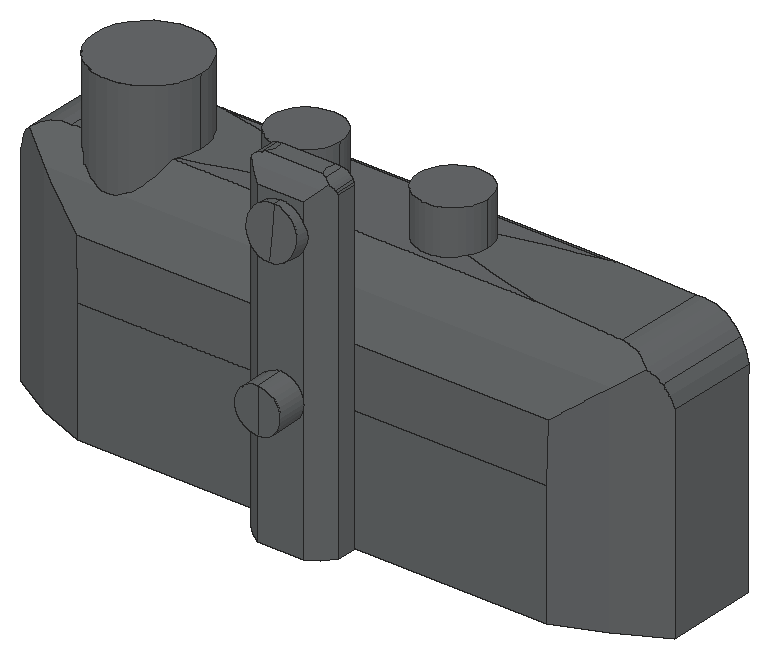
Revit family "Grohe_ThermostaticBathMixer_102168KF00", category Plumbing Fixtures, host Face, Revit 2020
Family settings
  Host = Face
  Round Connector Dimension = Use Diameter
  Part Type = Normal
  OmniClass Number = 23.45.05.00
  OmniClass Title = Sanitary Equipment
  Cut with Voids When Loaded = No
  Shared = No
  Room Calculation Point = No
Parameters (values of type "Thermostatic Bath Mixer (102168KF00)")
  _ObjectUserGuide = "https://www.bimstore.co/products/grohe-102168kf00/document/object-user-guide"
  _DistributedBy = "https://www.bimstore.co/"
  _CurrentRevision = 1
  _CreatedBy = "https://www.bimstore.co/"
  _BimSpecGuid = 0
  _BSBibleVersion = 17
  _AuthorizedBy = "bimstore"
  _Author = "RL 171"
  WarrantyStartDate [instance] = "Please Record on Commissioning"
  WarrantyGuarantorParts = "info-uk@grohe.com"
  WarrantyGuarantorLabor = "info-uk@grohe.com"
  WarrantyDurationUnit = "Years"
  WarrantyDurationParts = "0"
  WarrantyDurationLabor = "0"
  WarrantyDescription = "n/a"
  URL = "https://www.grohe.co.uk/en_gb/-102168KF00.html"
  TypeName = "Thermostatic Bath Mixer"
  Type Comments = "Thermostatic Bath Mixer"
  TPIDocumentLink = "https://cdn.cloud.grohe.com/tpi/100000/100000/100000/100200/100230/100237/100237065/original/100237065.pdf"
  SustainabilityReport = "green.grohe.com/reporting"
  SustainabilityAward = "green.grohe.com/awards"
  SpareParts = "info-uk@grohe.com"
  Size = "n/a"
  Shape = "n/a"
  SerialNumber [instance] = "Please Record on Commissioning"
  ReplacementCost = "n/a"
  ReferencedStandard = "n/a"
  ProductionYear = "2023"
  ProductType = "Thermostat"
  ProductShortText = "Thermostatic bath mixer 1/2\""
  ProductNumber = "102168KF00"
  ProductDescription = "wall mounted\r\n\r\nGROHE CoolTouch no risk of scalding\r\n\r\nGROHE Long-Life finish\r\n\r\nGROHE SafeStop safety button at 38°C\r\n\r\nGROHE SafeStop Plus optional temperature limiter at 43°C included\r\n\r\nGROHE TurboStat compact cartridge with wax thermoelement\r\n\r\nGROHE ProGrip with knurl structure\r\n\r\nGROHE SmartControl push for ON-OFF, turn for volume adjustment from GROHE Water Saving to Full Flow\r\n\r\nintegrated GROHE EasyReach shower tray\r\n\r\nshower bottom outlet 1/2\"\r\n\r\nbath spout with mousseur\r\n\r\nbuilt-in non return valves and dirt strainers\r\n\r\nprotected against backflow"
  PrimaryMaterial = Grohe_Black
  PQDiagramLink = "https://cdn.cloud.grohe.com/PQCharts/lores/1/102/original/102168KF00-pqchart-en_GB.svg"
  NominalLength = 0 mm
  NominalHeight = 0 mm
  NominalDepth = 0 mm
  NBSReference = "45-35-70/255"
  NBSOfficeMasterTag = "n/a"
  NBSObjectName = "Grohe - Shower fittings package"
  NBSNote = "n/a"
  NBSDescription = "Shower fittings package"
  ModelReference = "Thermostatic Bath Mixer"
  ModelNumber = "102168KF00"
  Model = "Thermostatic Bath Mixer"
  Material = "n/a"
  ManufacturerName = "Grohe"
  Manufacturer = "Grohe"
  Keynote = "N16"
  InstallationVideo = "n/a"
  InstallationDate [instance] = "Please Record on Commissioning"
  IfcExportType = "IfcPipeFittingType"
  IfcExportAs = "IfcPipeFitting"
  Grade = "n/a"
  GROHESustainability = "green.grohe.com"
  GROHESocialCommittment = "green.grohe.com/social_engagement"
  FullRecyclabilityOfPlastic = "All plastic components are fully recycable"
  Finish = "Black"
  Features = "n/a"
  ExpectedLife = 0
  Ecojoy = no
  EFSE0002 = "true"
  EFNL0001 = "true"
  EFDE0022 = "None"
  EF025109 = "Other"
  EF024919 = "false"
  EF023957 = "TRUE"
  EF023688 = "Foam jet nozzle"
  EF023687 = "TRUE"
  EF023686 = "Other"
  EF022337 = "1/2 inch- 3/4 inch"
  EF022042 = "Z"
  EF021855 = "false"
  EF021835 = "150"
  EF021808 = "2-hole"
  EF021035 = "true"
  EF020967 = "true"
  EF020805 = "false"
  EF020799 = "TRUE"
  EF020791 = "Stainless steel"
  EF020789 = "135"
  EF020787 = "Group II, <=30 dB(A)"
  EF020785 = "M26 x 1.5"
  EF020781 = "Plastic cartridge"
  EF020780 = "Two-grip"
  EF020259 = "Downwards"
  EF020105 = yes
  EF016731 = "Group I,<= 20 dB(A)"
  EF014591 = "false"
  EF014578 = "true"
  EF012753 = "20.00"
  EF011779 = "TRUE"
  EF011775 = "EB"
  EF007955 = "TRUE"
  EF002671 = "Black"
  EF002286 = "Insert (push coupling)"
  EF002149 = "TRUE"
  EF000139 = "Other"
  EF000003 = "Wall"
  DurationUnit = "Years"
  DocumentationTechnical = "https://www.bimstore.co/products/grohe-102168kf00/document/technical-data-sheet"
  DocumentationMaintenance = "https://www.bimstore.co/products/grohe-102168kf00/document/maintenance-information"
  DocumentationLiterature = "https://www.bimstore.co/products/grohe-102168kf00/document/product-literature"
  DocumentationInstallationGuide = "https://www.bimstore.co/products/grohe-102168kf00/document/installation-guide"
  DocumentationCertificates = "https://www.bimstore.co/products/grohe-102168kf00/document/product-certificates"
  DimensionsDocumentLink = "https://cdn.cloud.grohe.com/dimdraw/100000/100000/100000/100000/100070/100071/100071994/1280/100071994.jpg"
  Description = "Thermostatic Bath Mixer"
  Default Elevation = 0 mm
  CreatedOn = "2023-12-05T:09:00:00"
  CreatedBy = "info-uk@grohe.com"
  CradleToCradleCertification = "n/a"
  Cost = 0
  Constituents = "n/a"
  Color = "Grohe_Black"
  CodePerformance = "n/a"
  ClassificationValue = "Pr_40_20_87_55"
  ClassificationName = "Uniclass2015"
  CO2NeutralProduction = "GROHE is one of the first leading manufacturer within the sanitary industry having a CO2-neutral production."
  BarCode [instance] = "Please Record on Commissioning"
  BIMObjectName = "Grohe_ThermostaticBathMixer_102168KF00"
  AssetType = "Fixed"
  AssetIdentifier [instance] = "n/a"
  Assembly Code = "D2013"
  AccessibilityPerformance = "n/a"
Reference planes
  plane 1 "Center (Front/Back)": y = 0
  plane 2: z = 0
  plane 3 "Center (Left/Right)": x = 0
Forms (mm)
  Extrusion 1, solid, material "Grohe_Black" <- "PrimaryMaterial"
    sketch origin (0, 0, 0) x (0, 1, 0) y (0, 0, 1)
      loop
        line (30.702, 0) -> (30.702, 115.234) -> (28.947, 117.778) -> (27.703, 117.909)
        arc (27.703, 117.909) -> (7.703, 118.957) -> (-12.297, 117.909) r 191.335
        arc (-12.297, 117.909) -> (-23.867, 102.411) -> (-32.622, 85.166) r 112.912
        line (-32.622, 85.166) -> (-33.644, 0) -> (30.702, 0)
    from -152.633 to 152.333
  Extrusion 2, void
    sketch origin (0, 0, 0) x (1, 0, 0) y (0, 0, 1)
      loop
        arc (-127.433, 116.588) -> (0.574, 119.036) -> (128.581, 116.588) r 3348.075
        arc (128.581, 116.588) -> (140.172, 113.919) -> (148.697, 105.625) r 22.083
        arc (148.697, 105.625) -> (152.094, 96.579) -> (152.333, 86.92) r 29.024
        line (152.333, 86.92) -> (171.083, 86.92) -> (171.083, 128.625) -> (-163.917, 128.625) -> (-163.917, 86.92) -> (-153.367, 86.92)
        arc (-153.367, 86.92) -> (-152.401, 94.373) -> (-150.505, 101.644) r 59.607
        arc (-150.505, 101.644) -> (-141.603, 113.183) -> (-127.433, 116.588) r 21.915
    from -37.479 to 39.2
  Extrusion 3, void
    sketch origin (0, 0, 0) x (1, 0, 0) y (0, 1, 0)
      loop
        line (-153.888, -10.905) -> (-153.888, -42.867) -> (154.346, -42.867) -> (154.346, -10.905)
        arc (154.346, -10.905) -> (132.615, -23.557) -> (109.29, -32.954) r 174.441
        arc (109.29, -32.954) -> (0.229, -33.134) -> (-108.833, -32.954) r 33146.228
        arc (-108.833, -32.954) -> (-132.157, -23.557) -> (-153.888, -10.905) r 174.441
    from 0 to 133.139
  Extrusion 4, solid, material "Grohe_Black" <- "PrimaryMaterial"
    sketch origin (0, 0, 0) x (1, 0, 0) y (0, 1, 0)
      loop
        circle (-102.363, 0) r 24.5
    from 95.163 to 149.221
  Extrusion 5, solid, material "Grohe_Black" <- "PrimaryMaterial"
    sketch origin (0, 0, 0) x (1, 0, 0) y (0, 1, 0)
      loop
        circle (-34.231, 6.463) r 16
      loop
        circle (34.321, 6.463) r 16
    from 108.316 to 138.867
  Extrusion 6, solid, material "Grohe_Black" <- "PrimaryMaterial"
    sketch origin (0, 0, 0) x (0, 1, 0) y (0, 0, 1)
      loop
        line (-50.798, 0) -> (-33.739, 0) -> (-33.739, 157.185) -> (-34.695, 158.714)
        arc (-34.695, 158.714) -> (-38.944, 158.844) -> (-43.186, 158.574) r 45.133
        arc (-43.186, 158.574) -> (-47.348, 154.227) -> (-50.798, 149.297) r 39.353
        line (-50.798, 149.297) -> (-50.798, 0)
    from -20.291 to 20.337
  Extrusion 7, void
    sketch origin (0.156, 0, 0.977) x (1, 0, 0) y (0, 0, 1)
      loop
        arc (-20.629, 147.787) -> (-20.6, 149.883) -> (-20.184, 151.936) r 11.246
        arc (-20.184, 151.936) -> (-20.014, 152.442) -> (-19.812, 152.936) r 8.577
        arc (-19.812, 152.936) -> (-17.863, 155.588) -> (-14.981, 157.178) r 7.672
        arc (-14.981, 157.178) -> (-11.876, 157.86) -> (-8.705, 158.089) r 22.08
        line (-8.705, 158.089) -> (-4.26, 158.089) -> (-4.26, 162.648) -> (-24.706, 162.648) -> (-24.706, 147.787) -> (-20.629, 147.787)
    from 30.731 to 53.739
  Extrusion 8, void
    sketch origin (-0.078, 0, 0.977) x (-1, 0, 0) y (0, 0, -1)
      loop
        line (-20.584, -147.34) -> (-25.671, -147.34) -> (-25.671, -163.117) -> (-4.26, -163.117) -> (-4.26, -158.089) -> (-8.705, -158.089)
        arc (-8.705, -158.089) -> (-11.876, -157.86) -> (-14.981, -157.178) r 22.08
        arc (-14.981, -157.178) -> (-17.863, -155.588) -> (-19.812, -152.936) r 7.672
        arc (-19.812, -152.936) -> (-20.014, -152.442) -> (-20.184, -151.936) r 8.577
        arc (-20.184, -151.936) -> (-20.622, -149.659) -> (-20.584, -147.34) r 11.246
    from 30.731 to 53.739
  Extrusion 9, void
    sketch origin (0, 0, 0) x (1, 0, 0) y (0, 1, 0)
      loop
        line (-20.619, -42.383) -> (-22.377, -42.383) -> (-22.377, -51.921) -> (-10.139, -51.921) -> (-10.139, -51.064)
        arc (-10.139, -51.064) -> (-15.862, -47.307) -> (-20.619, -42.383) r 30.933
      loop
        arc (20.619, -42.383) -> (15.862, -47.307) -> (10.139, -51.064) r 30.933
        line (10.139, -51.064) -> (10.139, -51.921) -> (22.377, -51.921) -> (22.377, -42.383) -> (20.619, -42.383)
    from 0 to 169.037
  Revolve 10, solid, material "Grohe_Black" <- "PrimaryMaterial"
    sketch origin (0, 0, 0) x (0, 1, 0) y (0, 0, 1)
      loop
        line (-64.408, 64.4) -> (-19.068, 64.4) -> (-19.068, 72.4) -> (-25.672, 72.4) -> (-25.672, 71.1) -> (-28.565, 71.1) -> (-28.565, 72.4) -> (-46.128, 72.4) -> (-46.128, 74.88) -> (-64.408, 74.88) -> (-64.408, 64.4)
      axis (-19.068, 64.4) -> (-64.408, 64.4)
    angle from 0 to 360
  Revolve 11, solid, material "Grohe_Black" <- "PrimaryMaterial"
    sketch origin (0, 0, 0) x (0, 1, 0) y (0, 0, 1)
      loop
        line (-56.467, 135.046) -> (-57.7, 123.311) -> (-44.771, 121.953) -> (-43.538, 133.687) -> (-56.467, 135.046)
      axis (-56.467, 135.046) -> (-43.538, 133.687)
    angle from 0 to 360
Cuts and joins
  Extrusion 2, Extrusion 3 cuts Extrusion 1
  Extrusion 7, Extrusion 8, Extrusion 9 cuts Extrusion 6
  joined: Extrusion 1, Extrusion 4, Extrusion 5, Extrusion 6, Revolve 10, Revolve 11
Dimensions and locks
  aligned and locked: plane 2 to host face
  aligned and locked: level to host face
